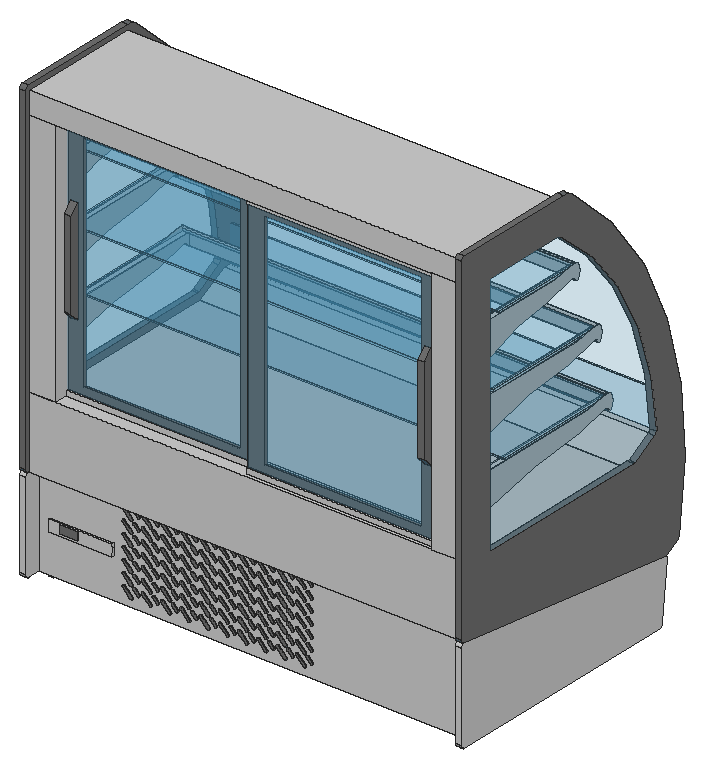
Revit family "QF_INFRICO_VBR12DS_250814114815", category Specialty Equipment, Revit 2021
Family settings
  Round Connector Dimension = Use Diameter
  Part Type = Normal
  OmniClass Number = 23.40.40.14
  OmniClass Title = Food Service Equipment
  Work Plane-Based = No
  Always vertical = Yes
  Cut with Voids When Loaded = No
  Shared = No
  Room Calculation Point = No
Parameters (values of type "VBR12DS")
  Weight [instance] = 0.00 kg
  Warranty Start Date [instance] = ""
  Warranty Duration [instance] = ""
  Volts [instance] = 230 V
  Volt Free Conn [instance] = no
  URL Recommended Spares List [instance] = ""
  URL Manufacturer [instance] = ""
  URL Cutsheet [instance] = ""
  URL Critical Spares List [instance] = ""
  URL = "www.infrico.com"
  Technical Documentation [instance] = ""
  Tag Number [instance] = ""
  Status [instance] = ""
  Start Up Current [instance] = 0 A
  Specification by User [instance] = ""
  Specification by Manufacturer [instance] = ""
  Sound Level [instance] = ""
  Show Logo [instance] = yes
  Show Clearances [instance] = yes
  Service Life Duration [instance] = ""
  Serial Number [instance] = ""
  Seismic Rating [instance] = ""
  SMACNA No [instance] = ""
  Revision Code [instance] = ""
  Revision [instance] = ""
  Production Year [instance] = ""
  Potential Equalisation [instance] = no
  Point Load [instance] = 0
  Phase [instance] = 1
  Other Equipment Approvals [instance] = ""
  Operational Current [instance] = 0 A
  Number of Poles [instance] = 2
  No Load Power Draw [instance] = no
  NAFEM Spec ID Number [instance] = ""
  Model Warning [instance] = ""
  Model = "VBR12DS"
  Min Ckt Ampacity [instance] = 0 A
  Max Overcurrent Protection [instance] = 0 A
  Masterspec [instance] = ""
  Manufacturer = "INFRICO"
  Main switch integrated [instance] = no
  Length Actual [instance] = 1250 mm
  Item Number [instance] = ""
  Installed By [instance] = ""
  Installation Date [instance] = ""
  Identify Quantity as Lot [instance] = no
  ID [instance] = ""
  Hygiene Approval [instance] = ""
  Height Actual [instance] = 1300 mm
  HP power [instance] = ""
  Furnished By [instance] = ""
  Foodservice Equipment Identifier [instance] = no
  FL Amps [instance] = 0 A
  Electrical Remarks [instance] = ""
  Electric power [instance] = 1060 W
  Electric Connection Type [instance] = ""
  Elec Conn RI Height [instance] = 0 mm
  Elec Conn Connection Height [instance] = 0 mm
  ETL Approved [instance] = no
  Description = "AMBAR SERIES - DOUBLE SERVICE PASTRY DISPLAY CASE - R452"
  Depth Actual [instance] = 810 mm
  Default Elevation = 0 mm
  Cycle [instance] = 50 Hz
  Cost = 0
  Connection to energy optimisation system [instance] = yes
  Conn Plug [instance] = ""
  Conn Conduit [instance] = no
  Centralized building control system with digital interface [instance] = ""
  CSI MasterFormat [instance] = ""
  CE Approved [instance] = no
  Barcode [instance] = 0
  Author [instance] = ""
  Asset Identifier [instance] = ""
  Apparent Power [instance] = 1060 VA
  Accessory [instance] = no
Reference planes
  plane 1 "Center (Front/Back)": y = 0
  plane 2: z = 0
  plane 3 "Center (Left/Right)": x = 0
Forms (mm)
  Extrusion 1, solid, not visible
    sketch origin (0, 0, 2) x (1, 0, 0) y (0, 1, 0)
      loop
        line (-2, 2) -> (-2, -2) -> (2, -2) -> (2, 2) -> (-2, 2)
    from -2 to 2
Dimensions and locks
  locked: nested 2 to Extrusion 1 at 2  (x2)
  aligned and locked: level to plane 2
Nested families
  nested 1: "QF_INFRICO_VBR12DS_2920" at (0, 0, 0), type "VBR12DS"
    with Weight 0.00 kg, Warranty Start Date "", Warranty Duration "", URL Cutsheet "", Technical Documentation "", Tag Number "", Status "", Specification by User "", Specification by Manufacturer "", Sound Level "", Solid Fuel Type "", Show Logo yes, Show Clearances yes, Show Clearance yes, Service Life Duration "", Serial Number "", Seismic Rating "", SMACNA No "", Revision Code "", Revision "", Production Year "", Point Load 0, Other Equipment Approvals "", NAFEM Spec ID Number "", Model Warning "", Masterspec "", Length Actual 1250 mm, Item Number "", Installed By "", Installation Date "", Identify Quantity as Lot yes, ID "", Hygiene Approval "", Height Actual 1300 mm, Furnished By "", Foodservice Equipment Identifier yes, Finish none, ETL Approved yes, Depth Actual 810 mm, CSI MasterFormat "", CE Approved no, Barcode "", Author "", Asset Identifier "", Accessory no
  nested 2: "CONN_POINT_ELE_2D___Generic_Annotation" at (0, 0, 0), type "CONN_POINT_ELE_2D___Generic_Annotation"
    with Onboard connection annotation symbol visibility yes
Connectors
  electrical at (0, 0, 0), driven by "Apparent Power", driven by "Number of Poles", driven by "Volts"
    settings: on Extrusion 1, index 1, voltage 230 V, apparent load 0 VA, apparent load phase1 1060 VA, apparent load phase2 0 VA, apparent load phase3 0 VA, power factor 1, load classification "Other", number of poles 2, system type 31, power factor state 1, is connector primary yes, connector utility no, sub classification motor no, connector description "Electrical connection for VBR12DS"
Definition of nested family "QF_INFRICO_VBR12DS_2920"
  Parameters (values of type "VBR12DS")
    Weight [instance] = 0.00 kg
    Warranty Start Date [instance] = ""
    Warranty Duration [instance] = ""
    URL Cutsheet [instance] = ""
    URL = "www.infrico.com"
    Technical Documentation [instance] = ""
    Tag Number [instance] = ""
    Status [instance] = ""
    Specification by User [instance] = ""
    Specification by Manufacturer [instance] = ""
    Sound Level [instance] = ""
    Solid Fuel Type [instance] = ""
    Show Logo [instance] = yes
    Show Clearances [instance] = yes
    Show Clearance [instance] = yes
    Service Life Duration [instance] = ""
    Serial Number [instance] = ""
    Seismic Rating [instance] = ""
    SMACNA No [instance] = ""
    Revision Code [instance] = ""
    Revision [instance] = ""
    Production Year [instance] = ""
    Point Load [instance] = 0
    Other Equipment Approvals [instance] = ""
    NAFEM Spec ID Number [instance] = ""
    Model Warning [instance] = ""
    Model = "VBR12DS"
    Masterspec [instance] = ""
    Manufacturer = "INFRICO"
    Length Actual [instance] = 0 mm
    Item Number [instance] = ""
    Installed By [instance] = ""
    Installation Date [instance] = ""
    Identify Quantity as Lot [instance] = yes
    ID [instance] = ""
    Hygiene Approval [instance] = ""
    Height Actual [instance] = 0 mm
    Furnished By [instance] = ""
    Foodservice Equipment Identifier [instance] = yes
    Finish [instance] = none
    ETL Approved [instance] = yes
    Description = "AMBAR SERIES - DOUBLE SERVICE PASTRY DISPLAY CASE - R452"
    Depth Actual [instance] = 0 mm
    Default Elevation = 0 mm
    CSI MasterFormat [instance] = ""
    CE Approved [instance] = yes
    Barcode [instance] = ""
    Author [instance] = ""
    Asset Identifier [instance] = ""
    Assembly Code = "E1090320"
    Accessory [instance] = yes
  Reference planes
    plane 1 "Back": y = 0
    plane 2: z = 0
    plane 3 "Left": x = 0
    plane 4 "Right": x = 1250
    plane 5 "Front": y = -810
    plane 6 "Top": z = 1300
  Forms (mm)
    Extrusion 1, solid
      sketch origin (-18, -810.003, 0) x (0, -1, 0) y (0, 0, -1)
        loop
          line (-100, -1190) -> (-100, -498)
          arc (-100, -498) -> (-102.929, -490.929) -> (-110, -488) r 10
          line (-110, -488) -> (-627, -488)
          arc (-627, -488) -> (-629.55, -488.252) -> (-632, -489) r 13
          line (-632, -489) -> (-702, -529)
          arc (-702, -529) -> (-705.756, -532.802) -> (-707, -538) r 9.937
          arc (-707, -538) -> (-606.573, -907.925) -> (-356, -1198) r 864.001
          arc (-356, -1198) -> (-353.158, -1199.473) -> (-350, -1200) r 10.273
          line (-350, -1200) -> (-110, -1200)
          arc (-110, -1200) -> (-102.929, -1197.071) -> (-100, -1190) r 10
      from 0 to 18
    Extrusion 2, solid
      sketch origin (-18, -810.003, 0) x (0, -1, 0) y (0, 0, -1)
        loop
          arc (-110, -1200) -> (-102.929, -1197.071) -> (-100, -1190) r 10
          line (-100, -1190) -> (-100, -498)
          arc (-100, -498) -> (-102.929, -490.929) -> (-110, -488) r 10
          line (-110, -488) -> (-627, -488)
          arc (-627, -488) -> (-629.55, -488.252) -> (-632, -489) r 13
          line (-632, -489) -> (-702, -529)
          arc (-702, -529) -> (-705.756, -532.802) -> (-707, -538) r 9.937
          arc (-707, -538) -> (-606.573, -907.925) -> (-356, -1198) r 864.001
          arc (-356, -1198) -> (-353.158, -1199.473) -> (-350, -1200) r 10.273
          line (-350, -1200) -> (-110, -1200)
        loop
          arc (-739, -197) -> (-742.074, -197.055) -> (-745, -198) r 10.476
          line (-745, -198) -> (-782, -219)
          arc (-782, -219) -> (-785.127, -222.608) -> (-787, -227) r 15.422
          arc (-787, -227) -> (-745, -815.202) -> (-398, -1292) r 1070.947
          arc (-398, -1292) -> (-385.08, -1297.958) -> (-371, -1300) r 49.563
          line (-371, -1300) -> (-10.003, -1300)
          arc (-10.003, -1300) -> (-2.932, -1297.071) -> (-0.003, -1290) r 10
          line (-0.003, -1290) -> (-0.003, -301.904)
          arc (-0.003, -301.904) -> (-2.683, -295.3) -> (-9, -292) r 10.337
          line (-9, -292) -> (-739, -197)
      from 0 to 18
    Extrusion 3, solid
      sketch origin (1250, -810.003, 0) x (0, -1, 0) y (0, 0, -1)
        loop
          line (-100, -1190) -> (-100, -498)
          arc (-100, -498) -> (-102.929, -490.929) -> (-110, -488) r 10
          line (-110, -488) -> (-627, -488)
          arc (-627, -488) -> (-629.55, -488.252) -> (-632, -489) r 13
          line (-632, -489) -> (-702, -529)
          arc (-702, -529) -> (-705.756, -532.802) -> (-707, -538) r 9.937
          arc (-707, -538) -> (-606.573, -907.925) -> (-356, -1198) r 864.001
          arc (-356, -1198) -> (-353.158, -1199.473) -> (-350, -1200) r 10.273
          line (-350, -1200) -> (-110, -1200)
          arc (-110, -1200) -> (-102.929, -1197.071) -> (-100, -1190) r 10
      from 0 to 18
    Extrusion 4, solid
      sketch origin (1250, -810.003, 0) x (0, -1, 0) y (0, 0, -1)
        loop
          arc (-110, -1200) -> (-102.929, -1197.071) -> (-100, -1190) r 10
          line (-100, -1190) -> (-100, -498)
          arc (-100, -498) -> (-102.929, -490.929) -> (-110, -488) r 10
          line (-110, -488) -> (-627, -488)
          arc (-627, -488) -> (-629.55, -488.252) -> (-632, -489) r 13
          line (-632, -489) -> (-702, -529)
          arc (-702, -529) -> (-705.756, -532.802) -> (-707, -538) r 9.937
          arc (-707, -538) -> (-606.573, -907.925) -> (-356, -1198) r 864.001
          arc (-356, -1198) -> (-353.158, -1199.473) -> (-350, -1200) r 10.273
          line (-350, -1200) -> (-110, -1200)
        loop
          arc (-739, -197) -> (-742.074, -197.055) -> (-745, -198) r 10.476
          line (-745, -198) -> (-782, -219)
          arc (-782, -219) -> (-785.127, -222.608) -> (-787, -227) r 15.422
          arc (-787, -227) -> (-745, -815.202) -> (-398, -1292) r 1070.947
          arc (-398, -1292) -> (-385.08, -1297.958) -> (-371, -1300) r 49.563
          line (-371, -1300) -> (-10.003, -1300)
          arc (-10.003, -1300) -> (-2.932, -1297.071) -> (-0.003, -1290) r 10
          line (-0.003, -1290) -> (-0.003, -301.904)
          arc (-0.003, -301.904) -> (-2.683, -295.3) -> (-9, -292) r 10.337
          line (-9, -292) -> (-739, -197)
      from 0 to 18
    Extrusion 5, solid, material <- "Finish"
      sketch origin (0, -810.003, -1) x (0, -1, 0) y (0, 0, -1)
        loop
          line (-739, -198) -> (-9, -293)
          arc (-9, -293) -> (-2.377, -289.883) -> (-0.003, -282.959) r 9.392
          line (-0.003, -282.959) -> (-0.003, -29)
          arc (-0.003, -29) -> (-2.932, -21.929) -> (-10.003, -19) r 10
          line (-10.003, -19) -> (-718, -19)
          arc (-718, -19) -> (-725.332, -22.2) -> (-727.972, -29.752) r 10
          line (-727.972, -29.752) -> (-746, -188)
          arc (-746, -188) -> (-744.394, -194.326) -> (-739, -198) r 9.212
      from -18 to 0
    Extrusion 6, solid, material <- "Finish"
      sketch origin (1268, -810.003, -1) x (0, -1, 0) y (0, 0, -1)
        loop
          line (-739, -198) -> (-9, -293)
          arc (-9, -293) -> (-2.377, -289.883) -> (-0.003, -282.959) r 9.392
          line (-0.003, -282.959) -> (-0.003, -29)
          arc (-0.003, -29) -> (-2.932, -21.929) -> (-10.003, -19) r 10
          line (-10.003, -19) -> (-718, -19)
          arc (-718, -19) -> (-725.332, -22.2) -> (-727.972, -29.752) r 10
          line (-727.972, -29.752) -> (-746, -188)
          arc (-746, -188) -> (-744.394, -194.326) -> (-739, -198) r 9.212
      from -18 to 0
    Extrusion 7, solid
      sketch origin (0, -750.003, 9) x (1, 0, 0) y (0, 1, 0)
        loop
          line (0, -0.02) -> (40, -0.02) -> (40, 39.98) -> (0, 39.98) -> (0, -0.02)
      from 0 to 9
    Extrusion 8, solid
      sketch origin (0, -170.003, 9) x (1, 0, 0) y (0, 1, 0)
        loop
          line (0, -0.02) -> (40, -0.02) -> (40, 39.98) -> (0, 39.98) -> (0, -0.02)
      from 0 to 9
    Extrusion 9, solid
      sketch origin (-898.549, 112.977, 0) x (-1, 0, 0) y (0, -1, 0)
        loop
          line (-903.549, 843) -> (-911.049, 855.99) -> (-926.049, 855.99) -> (-933.549, 843) -> (-926.049, 830.01) -> (-911.049, 830.01) -> (-903.549, 843)
      from 0 to 9
    Extrusion 10, solid
      sketch origin (-898.549, 692.977, 0) x (-1, 0, 0) y (0, -1, 0)
        loop
          line (-903.549, 843) -> (-911.049, 855.99) -> (-926.049, 855.99) -> (-933.549, 843) -> (-926.049, 830.01) -> (-911.049, 830.01) -> (-903.549, 843)
      from 0 to 9
    Extrusion 11, solid
      sketch origin (1210, -750.003, 9) x (1, 0, 0) y (0, 1, 0)
        loop
          line (0, -0.02) -> (40, -0.02) -> (40, 39.98) -> (0, 39.98) -> (0, -0.02)
      from 0 to 9
    Extrusion 12, solid
      sketch origin (1210, -170.003, 9) x (1, 0, 0) y (0, 1, 0)
        loop
          line (0, -0.02) -> (40, -0.02) -> (40, 39.98) -> (0, 39.98) -> (0, -0.02)
      from 0 to 9
    Extrusion 13, solid
      sketch origin (311.451, 112.977, 0) x (-1, 0, 0) y (0, -1, 0)
        loop
          line (-903.549, 843) -> (-911.049, 855.99) -> (-926.049, 855.99) -> (-933.549, 843) -> (-926.049, 830.01) -> (-911.049, 830.01) -> (-903.549, 843)
      from 0 to 9
    Extrusion 14, solid
      sketch origin (311.451, 692.977, 0) x (-1, 0, 0) y (0, -1, 0)
        loop
          line (-903.549, 843) -> (-911.049, 855.99) -> (-926.049, 855.99) -> (-933.549, 843) -> (-926.049, 830.01) -> (-911.049, 830.01) -> (-903.549, 843)
      from 0 to 9
    Extrusion 15, solid
      sketch origin (0, -810.003, 0) x (0, -1, 0) y (0, 0, -1)
        loop
          line (-59.98, -18) -> (-679.98, -18) -> (-679.98, -293) -> (-59.98, -293) -> (-59.98, -18)
      from 0 to 40
    Extrusion 16, solid
      sketch origin (1210, -810.003, 0) x (0, -1, 0) y (0, 0, -1)
        loop
          line (-59.98, -18) -> (-679.98, -18) -> (-679.98, -293) -> (-59.98, -293) -> (-59.98, -18)
      from 0 to 40
    Extrusion 17, solid
      sketch origin (0, -810.003, 0) x (0, -1, 0) y (0, 0, -1)
        loop
          line (-59.98, -18) -> (-59.98, -293) -> (-44.98, -293) -> (-44.98, -18) -> (-59.98, -18)
      from 0 to 1250
    Extrusion 18, solid
      sketch origin (0, -810.003, 0) x (0, -1, 0) y (0, 0, -1)
        loop
          line (-679.98, -278) -> (-679.98, -38) -> (-719.98, -38) -> (-719.98, -278) -> (-679.98, -278)
      from 0 to 40
    Extrusion 19, solid
      sketch origin (1210, -810.003, 0) x (0, -1, 0) y (0, 0, -1)
        loop
          line (-679.98, -278) -> (-679.98, -38) -> (-719.98, -38) -> (-719.98, -278) -> (-679.98, -278)
      from 0 to 40
    Extrusion 20, solid
      sketch origin (0, -810.003, 0) x (0, -1, 0) y (0, 0, -1)
        loop
          line (-9.98, -293) -> (-759.98, -293) -> (-759.98, -471) -> (-747.98, -471) -> (-747.98, -448) -> (-70.98, -448) -> (-70.98, -502) -> (-9.98, -502) -> (-9.98, -293)
      from 0 to 1250
    Extrusion 21, solid
      sketch origin (0, -810.003, 0) x (0, -1, 0) y (0, 0, -1)
        loop
          line (-747.98, -471) -> (-741.98, -471) -> (-741.98, -515) -> (-719.98, -515) -> (-628.98, -468) -> (-628.98, -448) -> (-630.98, -448) -> (-630.98, -466.782) -> (-720.466, -513) -> (-739.98, -513) -> (-739.98, -469) -> (-747.98, -469) -> (-747.98, -471)
      from 0 to 1250
    Extrusion 22, solid
      sketch origin (0, -810.003, 0) x (0, -1, 0) y (0, 0, -1)
        loop
          line (-626.98, -448) -> (-626.98, -469) -> (-121.98, -469) -> (-121.98, -448) -> (-626.98, -448)
      from 0 to 1250
    Extrusion 23, solid
      sketch origin (0, -810.003, 0) x (0, -1, 0) y (0, 0, -1)
        loop
          line (-110.98, -448) -> (-110.98, -1222) -> (-70.98, -1222) -> (-70.98, -448) -> (-110.98, -448)
      from 0 to 50
    Extrusion 24, solid
      sketch origin (1200, -810.003, 0) x (0, -1, 0) y (0, 0, -1)
        loop
          line (-110.98, -448) -> (-110.98, -1222) -> (-70.98, -1222) -> (-70.98, -448) -> (-110.98, -448)
      from 0 to 50
    Extrusion 25, solid
      sketch origin (0, -810.003, 0) x (0, -1, 0) y (0, 0, -1)
        loop
          line (-9.98, -502) -> (-70.98, -502) -> (-70.98, -1222) -> (-9.98, -1222) -> (-9.98, -502)
      from 0 to 78
    Extrusion 26, solid
      sketch origin (1172, -810.003, 0) x (0, -1, 0) y (0, 0, -1)
        loop
          line (-9.98, -502) -> (-70.98, -502) -> (-70.98, -1222) -> (-9.98, -1222) -> (-9.98, -502)
      from 0 to 78
    Extrusion 27, solid
      sketch origin (0, -810.003, 0) x (0, -1, 0) y (0, 0, -1)
        loop
          line (-9.98, -1288) -> (-9.98, -1222) -> (-288.98, -1222) -> (-288.98, -1276) -> (-353.98, -1276) -> (-353.98, -1260.029) -> (-372.98, -1241.029) -> (-372.98, -1229) -> (-354.98, -1229) -> (-354.98, -1217) -> (-384.98, -1217) -> (-384.98, -1246) -> (-365.98, -1265) -> (-365.98, -1288) -> (-9.98, -1288)
      from 0 to 1250
    Extrusion 28, solid
      sketch origin (0, -810.003, 0) x (0, -1, 0) y (0, 0, -1)
        loop
          line (-741.98, -471) -> (-747.98, -471) -> (-747.98, -621) -> (-741.98, -621) -> (-741.98, -471)
      from 0 to 1250
    Extrusion 29, solid
      sketch origin (732, -705.936, 48.526) x (0, -1, 0) y (0, 0, -1)
        loop
          line (80.087, -1157.474) -> (80.087, -1163.474) -> (62.087, -1163.474) -> (62.087, -1157.474) -> (59.087, -1157.474) -> (59.087, -1173.474) -> (62.087, -1173.474) -> (62.087, -1166.474) -> (68.087, -1166.474) -> (68.087, -1173.474) -> (74.087, -1173.474) -> (74.087, -1166.474) -> (80.087, -1166.474) -> (80.087, -1173.474) -> (83.087, -1173.474) -> (83.087, -1157.474) -> (80.087, -1157.474)
      from -107 to 440
    Extrusion 30, solid
      sketch origin (732, -705.936, 48.526) x (0, -1, 0) y (0, 0, -1)
        loop
          line (80.087, -1163.474) -> (80.087, -463.474) -> (75.087, -463.474) -> (75.087, -1163.474) -> (80.087, -1163.474)
      from -107 to 440
    Extrusion 31, solid
      sketch origin (732, -692.936, 48.526) x (0, -1, 0) y (0, 0, -1)
        loop
          line (80.087, -1163.474) -> (80.087, -463.474) -> (75.087, -463.474) -> (75.087, -1163.474) -> (80.087, -1163.474)
      from -107 to 440
    Extrusion 32, solid
      sketch origin (1732, -705.936, 48.526) x (1, 0, 0) y (0, 0, -1)
        loop
          line (-1107, -1163.474) -> (-560, -1163.474) -> (-560, -463.474) -> (-1107, -463.474) -> (-1107, -1163.474)
        loop
          line (-605, -488.474) -> (-1062, -488.474) -> (-1062, -1138.474) -> (-605, -1138.474) -> (-605, -488.474)
      from -75.087 to -67.087
    Extrusion 33, solid
      sketch origin (78, -679.936, 48.526) x (0, -1, 0) y (0, 0, -1)
        loop
          line (80.087, -1157.474) -> (80.087, -1163.474) -> (62.087, -1163.474) -> (62.087, -1157.474) -> (59.087, -1157.474) -> (59.087, -1173.474) -> (62.087, -1173.474) -> (62.087, -1166.474) -> (68.087, -1166.474) -> (68.087, -1173.474) -> (74.087, -1173.474) -> (74.087, -1166.474) -> (80.087, -1166.474) -> (80.087, -1173.474) -> (83.087, -1173.474) -> (83.087, -1157.474) -> (80.087, -1157.474)
      from 0 to 547
    Extrusion 34, solid
      sketch origin (78, -679.936, 48.526) x (0, -1, 0) y (0, 0, -1)
        loop
          line (80.087, -1163.474) -> (80.087, -463.474) -> (75.087, -463.474) -> (75.087, -1163.474) -> (80.087, -1163.474)
      from 0 to 547
    Extrusion 35, solid
      sketch origin (78, -666.936, 48.526) x (0, -1, 0) y (0, 0, -1)
        loop
          line (80.087, -1163.474) -> (80.087, -463.474) -> (75.087, -463.474) -> (75.087, -1163.474) -> (80.087, -1163.474)
      from 0 to 547
    Extrusion 36, solid
      sketch origin (1078, -679.936, 48.526) x (1, 0, 0) y (0, 0, -1)
        loop
          line (-1000, -1163.474) -> (-453, -1163.474) -> (-453, -463.474) -> (-1000, -463.474) -> (-1000, -1163.474)
        loop
          line (-498, -488.474) -> (-955, -488.474) -> (-955, -1138.474) -> (-498, -1138.474) -> (-498, -488.474)
      from -75.087 to -67.087
    Extrusion 37, solid
      sketch origin (732, -705.936, 1675.474) x (0, -1, 0) y (0, 0, -1)
        loop
          line (80.087, 1157.474) -> (83.087, 1157.474) -> (83.087, 1173.474) -> (80.087, 1173.474) -> (80.087, 1166.474) -> (74.087, 1166.474) -> (74.087, 1173.474) -> (68.087, 1173.474) -> (68.087, 1166.474) -> (62.087, 1166.474) -> (62.087, 1173.474) -> (59.087, 1173.474) -> (59.087, 1157.474) -> (62.087, 1157.474) -> (62.087, 1163.474) -> (80.087, 1163.474) -> (80.087, 1157.474)
      from -107 to 440
    Extrusion 38, solid
      sketch origin (78, -679.936, 1675.474) x (0, -1, 0) y (0, 0, -1)
        loop
          line (80.087, 1157.474) -> (83.087, 1157.474) -> (83.087, 1173.474) -> (80.087, 1173.474) -> (80.087, 1166.474) -> (74.087, 1166.474) -> (74.087, 1173.474) -> (68.087, 1173.474) -> (68.087, 1166.474) -> (62.087, 1166.474) -> (62.087, 1173.474) -> (59.087, 1173.474) -> (59.087, 1157.474) -> (62.087, 1157.474) -> (62.087, 1163.474) -> (80.087, 1163.474) -> (80.087, 1157.474)
      from 0 to 547
    Extrusion 39, solid
      sketch origin (-510, -1507.887, 385.642) x (0, -0.939923, 0.341387) y (0, -0.341387, -0.939923)
        loop
          line (-1441.281, -155.749) -> (-1438.55, -163.269) -> (-1412.756, -181.562) -> (-1410.024, -189.081) -> (-1408.109, -188.385) -> (-1411.111, -180.118) -> (-1436.703, -162.496) -> (-1439.401, -155.067) -> (-1441.281, -155.749)
        loop
          line (-1423.188, -205.565) -> (-1420.457, -213.085) -> (-1394.662, -231.378) -> (-1391.931, -238.897) -> (-1390.015, -238.201) -> (-1393.018, -229.934) -> (-1418.61, -212.312) -> (-1421.308, -204.883) -> (-1423.188, -205.565)
        loop
          line (-1405.094, -255.381) -> (-1402.363, -262.901) -> (-1376.569, -281.194) -> (-1373.837, -288.713) -> (-1371.922, -288.017) -> (-1374.924, -279.75) -> (-1400.516, -262.128) -> (-1403.214, -254.698) -> (-1405.094, -255.381)
        loop
          line (-1387.001, -305.197) -> (-1384.27, -312.717) -> (-1358.475, -331.01) -> (-1355.744, -338.529) -> (-1353.828, -337.833) -> (-1356.831, -329.566) -> (-1382.423, -311.944) -> (-1385.121, -304.514) -> (-1387.001, -305.197)
      from 550 to 1720
    Extrusion 40, solid
      sketch origin (3, -810.003, 87) x (0, -1, 0) y (0, 0, -1)
        loop
          line (-110.98, -498) -> (-126.98, -498)
          arc (-126.98, -498) -> (-289.514, -532.928) -> (-454.98, -549) r 1448.355
          line (-454.98, -549) -> (-547.98, -574)
          arc (-547.98, -574) -> (-550.743, -573.659) -> (-552.98, -572) r 5.461
          line (-552.98, -572) -> (-560.98, -562)
          arc (-560.98, -562) -> (-563.98, -560.5) -> (-566.98, -562) r 3.75
          arc (-566.98, -562) -> (-573.98, -583) -> (-566.98, -604) r 35
          arc (-566.98, -604) -> (-565.216, -605.472) -> (-562.98, -606) r 5
          line (-562.98, -606) -> (-544.98, -606) -> (-487.98, -595) -> (-110.98, -595) -> (-110.98, -498)
      from 0 to 2
    Extrusion 41, solid
      sketch origin (3, -810.003, 283) x (0, -1, 0) y (0, 0, -1)
        loop
          line (-110.98, -498) -> (-126.98, -498)
          arc (-126.98, -498) -> (-269.288, -533.055) -> (-414.98, -549) r 1106.867
          line (-414.98, -549) -> (-507.98, -574)
          arc (-507.98, -574) -> (-510.743, -573.659) -> (-512.98, -572) r 5.461
          line (-512.98, -572) -> (-520.98, -562)
          arc (-520.98, -562) -> (-523.98, -560.5) -> (-526.98, -562) r 3.75
          arc (-526.98, -562) -> (-533.98, -583) -> (-526.98, -604) r 35
          arc (-526.98, -604) -> (-525.216, -605.472) -> (-522.98, -606) r 5
          line (-522.98, -606) -> (-504.98, -606) -> (-447.98, -595) -> (-110.98, -595) -> (-110.98, -498)
      from 0 to 2
    Extrusion 42, solid
      sketch origin (3, -810.003, 479) x (0, -1, 0) y (0, 0, -1)
        loop
          line (-110.98, -498) -> (-126.98, -498)
          arc (-126.98, -498) -> (-228.381, -534.099) -> (-334.98, -549) r 530.828
          line (-334.98, -549) -> (-427.98, -574)
          arc (-427.98, -574) -> (-430.743, -573.659) -> (-432.98, -572) r 5.461
          line (-432.98, -572) -> (-440.98, -562)
          arc (-440.98, -562) -> (-443.98, -560.5) -> (-446.98, -562) r 3.75
          arc (-446.98, -562) -> (-453.98, -583) -> (-446.98, -604) r 35
          arc (-446.98, -604) -> (-445.216, -605.472) -> (-442.98, -606) r 5
          line (-442.98, -606) -> (-424.98, -606) -> (-367.98, -595) -> (-110.98, -595) -> (-110.98, -498)
      from 0 to 2
    Extrusion 43, solid
      sketch origin (0, -810.003, 0) x (0, -1, 0) y (0, 0, -1)
        loop
          line (-183.98, -682) -> (-558.98, -682) -> (-558.98, -688) -> (-183.98, -688) -> (-183.98, -682)
      from 5 to 1245
    Extrusion 44, solid
      sketch origin (0, -850.003, 196) x (0, -1, 0) y (0, 0, -1)
        loop
          line (-183.98, -682) -> (-558.98, -682) -> (-558.98, -688) -> (-183.98, -688) -> (-183.98, -682)
      from 5 to 1245
    Extrusion 45, solid
      sketch origin (0, -830.003, 392) x (0, -1, 0) y (0, 0, -1)
        loop
          line (-183.98, -682) -> (-458.98, -682) -> (-458.98, -688) -> (-183.98, -688) -> (-183.98, -682)
      from 5 to 1245
    Extrusion 46, solid
      sketch origin (0, -810.003, 0) x (0, -1, 0) y (0, 0, -1)
        loop
          arc (-566.98, -691) -> (-565.216, -692.472) -> (-562.98, -693) r 5
          arc (-562.98, -693) -> (-561.498, -690.693) -> (-560.98, -688) r 7.25
          line (-560.98, -688) -> (-560.98, -649)
          arc (-560.98, -649) -> (-563.98, -647.5) -> (-566.98, -649) r 3.75
          arc (-566.98, -649) -> (-573.98, -670) -> (-566.98, -691) r 35
      from 5 to 1245
    Extrusion 47, solid
      sketch origin (0, -850.003, 196) x (0, -1, 0) y (0, 0, -1)
        loop
          arc (-566.98, -691) -> (-565.216, -692.472) -> (-562.98, -693) r 5
          arc (-562.98, -693) -> (-561.498, -690.693) -> (-560.98, -688) r 7.25
          line (-560.98, -688) -> (-560.98, -649)
          arc (-560.98, -649) -> (-563.98, -647.5) -> (-566.98, -649) r 3.75
          arc (-566.98, -649) -> (-573.98, -670) -> (-566.98, -691) r 35
      from 5 to 1245
    Extrusion 48, solid
      sketch origin (0, -930.003, 392) x (0, -1, 0) y (0, 0, -1)
        loop
          arc (-566.98, -691) -> (-565.216, -692.472) -> (-562.98, -693) r 5
          arc (-562.98, -693) -> (-561.498, -690.693) -> (-560.98, -688) r 7.25
          line (-560.98, -688) -> (-560.98, -649)
          arc (-560.98, -649) -> (-563.98, -647.5) -> (-566.98, -649) r 3.75
          arc (-566.98, -649) -> (-573.98, -670) -> (-566.98, -691) r 35
      from 5 to 1245
    Extrusion 49, solid
      sketch origin (21, -810.003, 479) x (0, -1, 0) y (0, 0, -1)
        loop
          line (-110.98, -498) -> (-126.98, -498)
          arc (-126.98, -498) -> (-228.381, -534.099) -> (-334.98, -549) r 530.828
          line (-334.98, -549) -> (-427.98, -574)
          arc (-427.98, -574) -> (-430.743, -573.659) -> (-432.98, -572) r 5.461
          line (-432.98, -572) -> (-440.98, -562) -> (-440.98, -595) -> (-110.98, -595) -> (-110.98, -498)
      from 0 to 2
    Extrusion 50, solid
      sketch origin (0, -810.003, 0) x (0, -1, 0) y (0, 0, -1)
        loop
          line (-110.98, -1074) -> (-110.98, -1072) -> (-440.98, -1072) -> (-440.98, -1074) -> (-110.98, -1074)
      from 5 to 21
    Extrusion 51, solid
      sketch origin (21, -810.003, 283) x (0, -1, 0) y (0, 0, -1)
        loop
          line (-110.98, -498) -> (-126.98, -498)
          arc (-126.98, -498) -> (-269.288, -533.055) -> (-414.98, -549) r 1106.867
          line (-414.98, -549) -> (-507.98, -574)
          arc (-507.98, -574) -> (-510.743, -573.659) -> (-512.98, -572) r 5.461
          line (-512.98, -572) -> (-520.98, -562) -> (-520.98, -595) -> (-110.98, -595) -> (-110.98, -498)
      from 0 to 2
    Extrusion 52, solid
      sketch origin (0, -810.003, -196) x (0, -1, 0) y (0, 0, -1)
        loop
          line (-110.98, -1074) -> (-110.98, -1072) -> (-520.98, -1072) -> (-520.98, -1074) -> (-110.98, -1074)
      from 5 to 21
    Extrusion 53, solid
      sketch origin (21, -810.003, 87) x (0, -1, 0) y (0, 0, -1)
        loop
          line (-110.98, -498) -> (-126.98, -498)
          arc (-126.98, -498) -> (-289.514, -532.928) -> (-454.98, -549) r 1448.355
          line (-454.98, -549) -> (-547.98, -574)
          arc (-547.98, -574) -> (-550.743, -573.659) -> (-552.98, -572) r 5.461
          line (-552.98, -572) -> (-560.98, -562) -> (-560.98, -595) -> (-110.98, -595) -> (-110.98, -498)
      from 0 to 2
    Extrusion 54, solid
      sketch origin (0, -810.003, -392) x (0, -1, 0) y (0, 0, -1)
        loop
          line (-110.98, -1074) -> (-110.98, -1072) -> (-560.98, -1072) -> (-560.98, -1074) -> (-110.98, -1074)
      from 5 to 21
    Extrusion 55, solid
      sketch origin (1247, -810.003, 87) x (0, -1, 0) y (0, 0, 1)
        loop
          line (-110.98, 498) -> (-110.98, 595) -> (-487.98, 595) -> (-544.98, 606) -> (-562.98, 606)
          arc (-562.98, 606) -> (-565.216, 605.472) -> (-566.98, 604) r 5
          arc (-566.98, 604) -> (-573.98, 583) -> (-566.98, 562) r 35
          arc (-566.98, 562) -> (-563.98, 560.5) -> (-560.98, 562) r 3.75
          line (-560.98, 562) -> (-552.98, 572)
          arc (-552.98, 572) -> (-550.743, 573.659) -> (-547.98, 574) r 5.461
          line (-547.98, 574) -> (-454.98, 549)
          arc (-454.98, 549) -> (-289.514, 532.928) -> (-126.98, 498) r 1448.355
          line (-126.98, 498) -> (-110.98, 498)
      from 0 to 2
    Extrusion 56, solid
      sketch origin (1247, -810.003, 283) x (0, -1, 0) y (0, 0, 1)
        loop
          line (-110.98, 498) -> (-110.98, 595) -> (-447.98, 595) -> (-504.98, 606) -> (-522.98, 606)
          arc (-522.98, 606) -> (-525.216, 605.472) -> (-526.98, 604) r 5
          arc (-526.98, 604) -> (-533.98, 583) -> (-526.98, 562) r 35
          arc (-526.98, 562) -> (-523.98, 560.5) -> (-520.98, 562) r 3.75
          line (-520.98, 562) -> (-512.98, 572)
          arc (-512.98, 572) -> (-510.743, 573.659) -> (-507.98, 574) r 5.461
          line (-507.98, 574) -> (-414.98, 549)
          arc (-414.98, 549) -> (-269.288, 533.055) -> (-126.98, 498) r 1106.867
          line (-126.98, 498) -> (-110.98, 498)
      from 0 to 2
    Extrusion 57, solid
      sketch origin (1247, -810.003, 479) x (0, -1, 0) y (0, 0, 1)
        loop
          line (-110.98, 498) -> (-110.98, 595) -> (-367.98, 595) -> (-424.98, 606) -> (-442.98, 606)
          arc (-442.98, 606) -> (-445.216, 605.472) -> (-446.98, 604) r 5
          arc (-446.98, 604) -> (-453.98, 583) -> (-446.98, 562) r 35
          arc (-446.98, 562) -> (-443.98, 560.5) -> (-440.98, 562) r 3.75
          line (-440.98, 562) -> (-432.98, 572)
          arc (-432.98, 572) -> (-430.743, 573.659) -> (-427.98, 574) r 5.461
          line (-427.98, 574) -> (-334.98, 549)
          arc (-334.98, 549) -> (-228.381, 534.099) -> (-126.98, 498) r 530.828
          line (-126.98, 498) -> (-110.98, 498)
      from 0 to 2
    Extrusion 58, solid
      sketch origin (1229, -810.003, 479) x (0, -1, 0) y (0, 0, 1)
        loop
          line (-110.98, 498) -> (-110.98, 595) -> (-440.98, 595) -> (-440.98, 562) -> (-432.98, 572)
          arc (-432.98, 572) -> (-430.743, 573.659) -> (-427.98, 574) r 5.461
          line (-427.98, 574) -> (-334.98, 549)
          arc (-334.98, 549) -> (-228.381, 534.099) -> (-126.98, 498) r 530.828
          line (-126.98, 498) -> (-110.98, 498)
      from 0 to 2
    Extrusion 59, solid
      sketch origin (1250, -810.003, 0) x (0, -1, 0) y (0, 0, 1)
        loop
          line (-110.98, 1074) -> (-440.98, 1074) -> (-440.98, 1072) -> (-110.98, 1072) -> (-110.98, 1074)
      from 5 to 21
    Extrusion 60, solid
      sketch origin (1229, -810.003, 283) x (0, -1, 0) y (0, 0, 1)
        loop
          line (-110.98, 498) -> (-110.98, 595) -> (-520.98, 595) -> (-520.98, 562) -> (-512.98, 572)
          arc (-512.98, 572) -> (-510.743, 573.659) -> (-507.98, 574) r 5.461
          line (-507.98, 574) -> (-414.98, 549)
          arc (-414.98, 549) -> (-269.288, 533.055) -> (-126.98, 498) r 1106.867
          line (-126.98, 498) -> (-110.98, 498)
      from 0 to 2
    Extrusion 61, solid
      sketch origin (1250, -810.003, -196) x (0, -1, 0) y (0, 0, 1)
        loop
          line (-110.98, 1074) -> (-520.98, 1074) -> (-520.98, 1072) -> (-110.98, 1072) -> (-110.98, 1074)
      from 5 to 21
    Extrusion 62, solid
      sketch origin (1229, -810.003, 87) x (0, -1, 0) y (0, 0, 1)
        loop
          line (-110.98, 498) -> (-110.98, 595) -> (-560.98, 595) -> (-560.98, 562) -> (-552.98, 572)
          arc (-552.98, 572) -> (-550.743, 573.659) -> (-547.98, 574) r 5.461
          line (-547.98, 574) -> (-454.98, 549)
          arc (-454.98, 549) -> (-289.514, 532.928) -> (-126.98, 498) r 1448.355
          line (-126.98, 498) -> (-110.98, 498)
      from 0 to 2
    Extrusion 63, solid
      sketch origin (1250, -810.003, -392) x (0, -1, 0) y (0, 0, 1)
        loop
          line (-110.98, 1074) -> (-560.98, 1074) -> (-560.98, 1072) -> (-110.98, 1072) -> (-110.98, 1074)
      from 5 to 21
    Extrusion 64, solid
      sketch origin (0, -810.003, 0) x (0, -1, 0) y (0, 0, -1)
        loop
          line (-59.98, -18) -> (-99.98, -18) -> (-99.98, -38) -> (-59.98, -38) -> (-59.98, -18)
      from 40 to 1210
    Extrusion 65, solid
      sketch origin (0, -230.003, 0) x (0, -1, 0) y (0, 0, -1)
        loop
          line (-59.98, -18) -> (-99.98, -18) -> (-99.98, -38) -> (-59.98, -38) -> (-59.98, -18)
      from 40 to 1210
    Extrusion 66, solid, material <- "Finish"
      sketch origin (0, -810.003, 0) x (0, -1, 0) y (0, 0, -1)
        loop
          line (-769.98, -438) -> (-759.945, -218.229) -> (-778.925, -217.362) -> (-788.96, -437.133) -> (-769.98, -438)
      from 0 to 1250
    Extrusion 67, solid
      sketch origin (0, -810.003, 0) x (0, -1, 0) y (0, 0, -1)
        loop
          line (-747.98, -471) -> (-759.98, -471) -> (-789.173, -441.806) -> (-788.489, -426.822) -> (-790.487, -426.731) -> (-791.212, -442.597) -> (-760.808, -473) -> (-747.98, -473) -> (-747.98, -471)
      from 0 to 1250
    Extrusion 68, solid
      sketch origin (1643.376, -765.123, -1.698) x (-1, 0, 0) y (0, 0, 1)
        loop
          line (1376.497, 42.364) -> (1398.417, 64.284)
          arc (1398.417, 64.284) -> (1398.417, 70.648) -> (1392.053, 70.648) r 4.5
          line (1392.053, 70.648) -> (1370.133, 48.728)
          arc (1370.133, 48.728) -> (1370.133, 42.364) -> (1376.497, 42.364) r 4.5
        loop
          line (1355.739, 55.335) -> (1367.053, 66.648)
          arc (1367.053, 66.648) -> (1367.053, 73.012) -> (1360.689, 73.012) r 4.5
          line (1360.689, 73.012) -> (1349.376, 61.698)
          arc (1349.376, 61.698) -> (1349.376, 55.335) -> (1355.739, 55.335) r 4.5
        loop
          line (1376.497, 76.364) -> (1398.417, 98.284)
          arc (1398.417, 98.284) -> (1398.417, 104.648) -> (1392.053, 104.648) r 4.5
          line (1392.053, 104.648) -> (1370.133, 82.728)
          arc (1370.133, 82.728) -> (1370.133, 76.364) -> (1376.497, 76.364) r 4.5
        loop
          line (1355.739, 89.335) -> (1367.053, 100.648)
          arc (1367.053, 100.648) -> (1367.053, 107.012) -> (1360.689, 107.012) r 4.5
          line (1360.689, 107.012) -> (1349.376, 95.698)
          arc (1349.376, 95.698) -> (1349.376, 89.335) -> (1355.739, 89.335) r 4.5
        loop
          line (1376.497, 110.364) -> (1398.417, 132.284)
          arc (1398.417, 132.284) -> (1398.417, 138.648) -> (1392.053, 138.648) r 4.5
          line (1392.053, 138.648) -> (1370.133, 116.728)
          arc (1370.133, 116.728) -> (1370.133, 110.364) -> (1376.497, 110.364) r 4.5
        loop
          line (1355.739, 123.335) -> (1367.053, 134.648)
          arc (1367.053, 134.648) -> (1367.053, 141.012) -> (1360.689, 141.012) r 4.5
          line (1360.689, 141.012) -> (1349.376, 129.698)
          arc (1349.376, 129.698) -> (1349.376, 123.335) -> (1355.739, 123.335) r 4.5
        loop
          line (1376.497, 144.364) -> (1398.417, 166.284)
          arc (1398.417, 166.284) -> (1398.417, 172.648) -> (1392.053, 172.648) r 4.5
          line (1392.053, 172.648) -> (1370.133, 150.728)
          arc (1370.133, 150.728) -> (1370.133, 144.364) -> (1376.497, 144.364) r 4.5
        loop
          line (1355.739, 157.335) -> (1367.053, 168.648)
          arc (1367.053, 168.648) -> (1367.053, 175.012) -> (1360.689, 175.012) r 4.5
          line (1360.689, 175.012) -> (1349.376, 163.698)
          arc (1349.376, 163.698) -> (1349.376, 157.335) -> (1355.739, 157.335) r 4.5
        loop
          line (1376.497, 178.364) -> (1398.417, 200.284)
          arc (1398.417, 200.284) -> (1398.417, 206.648) -> (1392.053, 206.648) r 4.5
          line (1392.053, 206.648) -> (1370.133, 184.728)
          arc (1370.133, 184.728) -> (1370.133, 178.364) -> (1376.497, 178.364) r 4.5
        loop
          line (1355.739, 191.335) -> (1367.053, 202.648)
          arc (1367.053, 202.648) -> (1367.053, 209.012) -> (1360.689, 209.012) r 4.5
          line (1360.689, 209.012) -> (1349.376, 197.698)
          arc (1349.376, 197.698) -> (1349.376, 191.335) -> (1355.739, 191.335) r 4.5
        loop
          line (1376.497, 212.364) -> (1398.417, 234.284)
          arc (1398.417, 234.284) -> (1398.417, 240.648) -> (1392.053, 240.648) r 4.5
          line (1392.053, 240.648) -> (1370.133, 218.728)
          arc (1370.133, 218.728) -> (1370.133, 212.364) -> (1376.497, 212.364) r 4.5
        loop
          line (1355.739, 225.335) -> (1367.053, 236.648)
          arc (1367.053, 236.648) -> (1367.053, 243.012) -> (1360.689, 243.012) r 4.5
          line (1360.689, 243.012) -> (1349.376, 231.698)
          arc (1349.376, 231.698) -> (1349.376, 225.335) -> (1355.739, 225.335) r 4.5
        loop
          line (1376.497, 246.364) -> (1398.417, 268.284)
          arc (1398.417, 268.284) -> (1398.417, 274.648) -> (1392.053, 274.648) r 4.5
          line (1392.053, 274.648) -> (1370.133, 252.728)
          arc (1370.133, 252.728) -> (1370.133, 246.364) -> (1376.497, 246.364) r 4.5
        loop
          line (1355.739, 259.335) -> (1367.053, 270.648)
          arc (1367.053, 270.648) -> (1367.053, 277.012) -> (1360.689, 277.012) r 4.5
          line (1360.689, 277.012) -> (1349.376, 265.698)
          arc (1349.376, 265.698) -> (1349.376, 259.335) -> (1355.739, 259.335) r 4.5
        loop
          line (1320.497, 42.364) -> (1342.417, 64.284)
          arc (1342.417, 64.284) -> (1342.417, 70.648) -> (1336.053, 70.648) r 4.5
          line (1336.053, 70.648) -> (1314.133, 48.728)
          arc (1314.133, 48.728) -> (1314.133, 42.364) -> (1320.497, 42.364) r 4.5
        loop
          line (1299.739, 55.335) -> (1311.053, 66.648)
          arc (1311.053, 66.648) -> (1311.053, 73.012) -> (1304.689, 73.012) r 4.5
          line (1304.689, 73.012) -> (1293.376, 61.698)
          arc (1293.376, 61.698) -> (1293.376, 55.335) -> (1299.739, 55.335) r 4.5
        loop
          line (1320.497, 76.364) -> (1342.417, 98.284)
          arc (1342.417, 98.284) -> (1342.417, 104.648) -> (1336.053, 104.648) r 4.5
          line (1336.053, 104.648) -> (1314.133, 82.728)
          arc (1314.133, 82.728) -> (1314.133, 76.364) -> (1320.497, 76.364) r 4.5
        loop
          line (1299.739, 89.335) -> (1311.053, 100.648)
          arc (1311.053, 100.648) -> (1311.053, 107.012) -> (1304.689, 107.012) r 4.5
          line (1304.689, 107.012) -> (1293.376, 95.698)
          arc (1293.376, 95.698) -> (1293.376, 89.335) -> (1299.739, 89.335) r 4.5
        loop
          line (1320.497, 110.364) -> (1342.417, 132.284)
          arc (1342.417, 132.284) -> (1342.417, 138.648) -> (1336.053, 138.648) r 4.5
          line (1336.053, 138.648) -> (1314.133, 116.728)
          arc (1314.133, 116.728) -> (1314.133, 110.364) -> (1320.497, 110.364) r 4.5
        loop
          line (1299.739, 123.335) -> (1311.053, 134.648)
          arc (1311.053, 134.648) -> (1311.053, 141.012) -> (1304.689, 141.012) r 4.5
          line (1304.689, 141.012) -> (1293.376, 129.698)
          arc (1293.376, 129.698) -> (1293.376, 123.335) -> (1299.739, 123.335) r 4.5
        loop
          line (1320.497, 144.364) -> (1342.417, 166.284)
          arc (1342.417, 166.284) -> (1342.417, 172.648) -> (1336.053, 172.648) r 4.5
          line (1336.053, 172.648) -> (1314.133, 150.728)
          arc (1314.133, 150.728) -> (1314.133, 144.364) -> (1320.497, 144.364) r 4.5
        loop
          line (1299.739, 157.335) -> (1311.053, 168.648)
          arc (1311.053, 168.648) -> (1311.053, 175.012) -> (1304.689, 175.012) r 4.5
          line (1304.689, 175.012) -> (1293.376, 163.698)
          arc (1293.376, 163.698) -> (1293.376, 157.335) -> (1299.739, 157.335) r 4.5
        loop
          line (1320.497, 178.364) -> (1342.417, 200.284)
          arc (1342.417, 200.284) -> (1342.417, 206.648) -> (1336.053, 206.648) r 4.5
          line (1336.053, 206.648) -> (1314.133, 184.728)
          arc (1314.133, 184.728) -> (1314.133, 178.364) -> (1320.497, 178.364) r 4.5
        loop
          line (1299.739, 191.335) -> (1311.053, 202.648)
          arc (1311.053, 202.648) -> (1311.053, 209.012) -> (1304.689, 209.012) r 4.5
          line (1304.689, 209.012) -> (1293.376, 197.698)
          arc (1293.376, 197.698) -> (1293.376, 191.335) -> (1299.739, 191.335) r 4.5
        loop
          line (1320.497, 212.364) -> (1342.417, 234.284)
          arc (1342.417, 234.284) -> (1342.417, 240.648) -> (1336.053, 240.648) r 4.5
          line (1336.053, 240.648) -> (1314.133, 218.728)
          arc (1314.133, 218.728) -> (1314.133, 212.364) -> (1320.497, 212.364) r 4.5
        loop
          line (1299.739, 225.335) -> (1311.053, 236.648)
          arc (1311.053, 236.648) -> (1311.053, 243.012) -> (1304.689, 243.012) r 4.5
          line (1304.689, 243.012) -> (1293.376, 231.698)
          arc (1293.376, 231.698) -> (1293.376, 225.335) -> (1299.739, 225.335) r 4.5
        loop
          line (1320.497, 246.364) -> (1342.417, 268.284)
          arc (1342.417, 268.284) -> (1342.417, 274.648) -> (1336.053, 274.648) r 4.5
          line (1336.053, 274.648) -> (1314.133, 252.728)
          arc (1314.133, 252.728) -> (1314.133, 246.364) -> (1320.497, 246.364) r 4.5
        loop
          line (1299.739, 259.335) -> (1311.053, 270.648)
          arc (1311.053, 270.648) -> (1311.053, 277.012) -> (1304.689, 277.012) r 4.5
          line (1304.689, 277.012) -> (1293.376, 265.698)
          arc (1293.376, 265.698) -> (1293.376, 259.335) -> (1299.739, 259.335) r 4.5
        loop
          line (1264.497, 42.364) -> (1286.417, 64.284)
          arc (1286.417, 64.284) -> (1286.417, 70.648) -> (1280.053, 70.648) r 4.5
          line (1280.053, 70.648) -> (1258.133, 48.728)
          arc (1258.133, 48.728) -> (1258.133, 42.364) -> (1264.497, 42.364) r 4.5
        loop
          line (1243.739, 55.335) -> (1255.053, 66.648)
          arc (1255.053, 66.648) -> (1255.053, 73.012) -> (1248.689, 73.012) r 4.5
          line (1248.689, 73.012) -> (1237.376, 61.698)
          arc (1237.376, 61.698) -> (1237.376, 55.335) -> (1243.739, 55.335) r 4.5
        loop
          line (1264.497, 76.364) -> (1286.417, 98.284)
          arc (1286.417, 98.284) -> (1286.417, 104.648) -> (1280.053, 104.648) r 4.5
          line (1280.053, 104.648) -> (1258.133, 82.728)
          arc (1258.133, 82.728) -> (1258.133, 76.364) -> (1264.497, 76.364) r 4.5
        loop
          line (1243.739, 89.335) -> (1255.053, 100.648)
          arc (1255.053, 100.648) -> (1255.053, 107.012) -> (1248.689, 107.012) r 4.5
          line (1248.689, 107.012) -> (1237.376, 95.698)
          arc (1237.376, 95.698) -> (1237.376, 89.335) -> (1243.739, 89.335) r 4.5
        loop
          line (1264.497, 110.364) -> (1286.417, 132.284)
          arc (1286.417, 132.284) -> (1286.417, 138.648) -> (1280.053, 138.648) r 4.5
          line (1280.053, 138.648) -> (1258.133, 116.728)
          arc (1258.133, 116.728) -> (1258.133, 110.364) -> (1264.497, 110.364) r 4.5
        loop
          line (1243.739, 123.335) -> (1255.053, 134.648)
          arc (1255.053, 134.648) -> (1255.053, 141.012) -> (1248.689, 141.012) r 4.5
          line (1248.689, 141.012) -> (1237.376, 129.698)
          arc (1237.376, 129.698) -> (1237.376, 123.335) -> (1243.739, 123.335) r 4.5
        loop
          line (1264.497, 144.364) -> (1286.417, 166.284)
          arc (1286.417, 166.284) -> (1286.417, 172.648) -> (1280.053, 172.648) r 4.5
          line (1280.053, 172.648) -> (1258.133, 150.728)
          arc (1258.133, 150.728) -> (1258.133, 144.364) -> (1264.497, 144.364) r 4.5
        loop
          line (1243.739, 157.335) -> (1255.053, 168.648)
          arc (1255.053, 168.648) -> (1255.053, 175.012) -> (1248.689, 175.012) r 4.5
          line (1248.689, 175.012) -> (1237.376, 163.698)
          arc (1237.376, 163.698) -> (1237.376, 157.335) -> (1243.739, 157.335) r 4.5
        loop
          line (1264.497, 178.364) -> (1286.417, 200.284)
          arc (1286.417, 200.284) -> (1286.417, 206.648) -> (1280.053, 206.648) r 4.5
          line (1280.053, 206.648) -> (1258.133, 184.728)
          arc (1258.133, 184.728) -> (1258.133, 178.364) -> (1264.497, 178.364) r 4.5
        loop
          line (1243.739, 191.335) -> (1255.053, 202.648)
          arc (1255.053, 202.648) -> (1255.053, 209.012) -> (1248.689, 209.012) r 4.5
          line (1248.689, 209.012) -> (1237.376, 197.698)
          arc (1237.376, 197.698) -> (1237.376, 191.335) -> (1243.739, 191.335) r 4.5
        loop
          line (1264.497, 212.364) -> (1286.417, 234.284)
          arc (1286.417, 234.284) -> (1286.417, 240.648) -> (1280.053, 240.648) r 4.5
          line (1280.053, 240.648) -> (1258.133, 218.728)
          arc (1258.133, 218.728) -> (1258.133, 212.364) -> (1264.497, 212.364) r 4.5
        loop
          line (1243.739, 225.335) -> (1255.053, 236.648)
          arc (1255.053, 236.648) -> (1255.053, 243.012) -> (1248.689, 243.012) r 4.5
          line (1248.689, 243.012) -> (1237.376, 231.698)
          arc (1237.376, 231.698) -> (1237.376, 225.335) -> (1243.739, 225.335) r 4.5
        loop
          line (1264.497, 246.364) -> (1286.417, 268.284)
          arc (1286.417, 268.284) -> (1286.417, 274.648) -> (1280.053, 274.648) r 4.5
          line (1280.053, 274.648) -> (1258.133, 252.728)
          arc (1258.133, 252.728) -> (1258.133, 246.364) -> (1264.497, 246.364) r 4.5
        loop
          line (1243.739, 259.335) -> (1255.053, 270.648)
          arc (1255.053, 270.648) -> (1255.053, 277.012) -> (1248.689, 277.012) r 4.5
          line (1248.689, 277.012) -> (1237.376, 265.698)
          arc (1237.376, 265.698) -> (1237.376, 259.335) -> (1243.739, 259.335) r 4.5
        loop
          line (1208.497, 42.364) -> (1230.417, 64.284)
          arc (1230.417, 64.284) -> (1230.417, 70.648) -> (1224.053, 70.648) r 4.5
          line (1224.053, 70.648) -> (1202.133, 48.728)
          arc (1202.133, 48.728) -> (1202.133, 42.364) -> (1208.497, 42.364) r 4.5
        loop
          line (1187.739, 55.335) -> (1199.053, 66.648)
          arc (1199.053, 66.648) -> (1199.053, 73.012) -> (1192.689, 73.012) r 4.5
          line (1192.689, 73.012) -> (1181.376, 61.698)
          arc (1181.376, 61.698) -> (1181.376, 55.335) -> (1187.739, 55.335) r 4.5
        loop
          line (1208.497, 76.364) -> (1230.417, 98.284)
          arc (1230.417, 98.284) -> (1230.417, 104.648) -> (1224.053, 104.648) r 4.5
          line (1224.053, 104.648) -> (1202.133, 82.728)
          arc (1202.133, 82.728) -> (1202.133, 76.364) -> (1208.497, 76.364) r 4.5
        loop
          line (1187.739, 89.335) -> (1199.053, 100.648)
          arc (1199.053, 100.648) -> (1199.053, 107.012) -> (1192.689, 107.012) r 4.5
          line (1192.689, 107.012) -> (1181.376, 95.698)
          arc (1181.376, 95.698) -> (1181.376, 89.335) -> (1187.739, 89.335) r 4.5
        loop
          line (1208.497, 110.364) -> (1230.417, 132.284)
          arc (1230.417, 132.284) -> (1230.417, 138.648) -> (1224.053, 138.648) r 4.5
          line (1224.053, 138.648) -> (1202.133, 116.728)
          arc (1202.133, 116.728) -> (1202.133, 110.364) -> (1208.497, 110.364) r 4.5
        loop
          line (1187.739, 123.335) -> (1199.053, 134.648)
          arc (1199.053, 134.648) -> (1199.053, 141.012) -> (1192.689, 141.012) r 4.5
          line (1192.689, 141.012) -> (1181.376, 129.698)
          arc (1181.376, 129.698) -> (1181.376, 123.335) -> (1187.739, 123.335) r 4.5
        loop
          line (1208.497, 144.364) -> (1230.417, 166.284)
          arc (1230.417, 166.284) -> (1230.417, 172.648) -> (1224.053, 172.648) r 4.5
          line (1224.053, 172.648) -> (1202.133, 150.728)
          arc (1202.133, 150.728) -> (1202.133, 144.364) -> (1208.497, 144.364) r 4.5
        loop
          line (1187.739, 157.335) -> (1199.053, 168.648)
          arc (1199.053, 168.648) -> (1199.053, 175.012) -> (1192.689, 175.012) r 4.5
          line (1192.689, 175.012) -> (1181.376, 163.698)
          arc (1181.376, 163.698) -> (1181.376, 157.335) -> (1187.739, 157.335) r 4.5
        loop
          line (1208.497, 178.364) -> (1230.417, 200.284)
          arc (1230.417, 200.284) -> (1230.417, 206.648) -> (1224.053, 206.648) r 4.5
          line (1224.053, 206.648) -> (1202.133, 184.728)
          arc (1202.133, 184.728) -> (1202.133, 178.364) -> (1208.497, 178.364) r 4.5
        loop
          line (1187.739, 191.335) -> (1199.053, 202.648)
          arc (1199.053, 202.648) -> (1199.053, 209.012) -> (1192.689, 209.012) r 4.5
          line (1192.689, 209.012) -> (1181.376, 197.698)
          arc (1181.376, 197.698) -> (1181.376, 191.335) -> (1187.739, 191.335) r 4.5
        loop
          line (1208.497, 212.364) -> (1230.417, 234.284)
          arc (1230.417, 234.284) -> (1230.417, 240.648) -> (1224.053, 240.648) r 4.5
          line (1224.053, 240.648) -> (1202.133, 218.728)
          arc (1202.133, 218.728) -> (1202.133, 212.364) -> (1208.497, 212.364) r 4.5
        loop
          line (1187.739, 225.335) -> (1199.053, 236.648)
          arc (1199.053, 236.648) -> (1199.053, 243.012) -> (1192.689, 243.012) r 4.5
          line (1192.689, 243.012) -> (1181.376, 231.698)
          arc (1181.376, 231.698) -> (1181.376, 225.335) -> (1187.739, 225.335) r 4.5
        loop
          line (1208.497, 246.364) -> (1230.417, 268.284)
          arc (1230.417, 268.284) -> (1230.417, 274.648) -> (1224.053, 274.648) r 4.5
          line (1224.053, 274.648) -> (1202.133, 252.728)
          arc (1202.133, 252.728) -> (1202.133, 246.364) -> (1208.497, 246.364) r 4.5
        loop
          line (1187.739, 259.335) -> (1199.053, 270.648)
          arc (1199.053, 270.648) -> (1199.053, 277.012) -> (1192.689, 277.012) r 4.5
          line (1192.689, 277.012) -> (1181.376, 265.698)
          arc (1181.376, 265.698) -> (1181.376, 259.335) -> (1187.739, 259.335) r 4.5
        loop
          line (1152.497, 42.364) -> (1174.417, 64.284)
          arc (1174.417, 64.284) -> (1174.417, 70.648) -> (1168.053, 70.648) r 4.5
          line (1168.053, 70.648) -> (1146.133, 48.728)
          arc (1146.133, 48.728) -> (1146.133, 42.364) -> (1152.497, 42.364) r 4.5
        loop
          line (1131.739, 55.335) -> (1143.053, 66.648)
          arc (1143.053, 66.648) -> (1143.053, 73.012) -> (1136.689, 73.012) r 4.5
          line (1136.689, 73.012) -> (1125.376, 61.698)
          arc (1125.376, 61.698) -> (1125.376, 55.335) -> (1131.739, 55.335) r 4.5
        loop
          line (1152.497, 76.364) -> (1174.417, 98.284)
          arc (1174.417, 98.284) -> (1174.417, 104.648) -> (1168.053, 104.648) r 4.5
          line (1168.053, 104.648) -> (1146.133, 82.728)
          arc (1146.133, 82.728) -> (1146.133, 76.364) -> (1152.497, 76.364) r 4.5
        loop
          line (1131.739, 89.335) -> (1143.053, 100.648)
          arc (1143.053, 100.648) -> (1143.053, 107.012) -> (1136.689, 107.012) r 4.5
          line (1136.689, 107.012) -> (1125.376, 95.698)
          arc (1125.376, 95.698) -> (1125.376, 89.335) -> (1131.739, 89.335) r 4.5
        loop
          line (1152.497, 110.364) -> (1174.417, 132.284)
          arc (1174.417, 132.284) -> (1174.417, 138.648) -> (1168.053, 138.648) r 4.5
          line (1168.053, 138.648) -> (1146.133, 116.728)
          arc (1146.133, 116.728) -> (1146.133, 110.364) -> (1152.497, 110.364) r 4.5
        loop
          line (1131.739, 123.335) -> (1143.053, 134.648)
          arc (1143.053, 134.648) -> (1143.053, 141.012) -> (1136.689, 141.012) r 4.5
          line (1136.689, 141.012) -> (1125.376, 129.698)
          arc (1125.376, 129.698) -> (1125.376, 123.335) -> (1131.739, 123.335) r 4.5
        loop
          line (1152.497, 144.364) -> (1174.417, 166.284)
          arc (1174.417, 166.284) -> (1174.417, 172.648) -> (1168.053, 172.648) r 4.5
          line (1168.053, 172.648) -> (1146.133, 150.728)
          arc (1146.133, 150.728) -> (1146.133, 144.364) -> (1152.497, 144.364) r 4.5
        loop
          line (1131.739, 157.335) -> (1143.053, 168.648)
          arc (1143.053, 168.648) -> (1143.053, 175.012) -> (1136.689, 175.012) r 4.5
          line (1136.689, 175.012) -> (1125.376, 163.698)
          arc (1125.376, 163.698) -> (1125.376, 157.335) -> (1131.739, 157.335) r 4.5
        loop
          line (1152.497, 178.364) -> (1174.417, 200.284)
          arc (1174.417, 200.284) -> (1174.417, 206.648) -> (1168.053, 206.648) r 4.5
          line (1168.053, 206.648) -> (1146.133, 184.728)
          arc (1146.133, 184.728) -> (1146.133, 178.364) -> (1152.497, 178.364) r 4.5
        loop
          line (1131.739, 191.335) -> (1143.053, 202.648)
          arc (1143.053, 202.648) -> (1143.053, 209.012) -> (1136.689, 209.012) r 4.5
          line (1136.689, 209.012) -> (1125.376, 197.698)
          arc (1125.376, 197.698) -> (1125.376, 191.335) -> (1131.739, 191.335) r 4.5
        loop
          line (1152.497, 212.364) -> (1174.417, 234.284)
          arc (1174.417, 234.284) -> (1174.417, 240.648) -> (1168.053, 240.648) r 4.5
          line (1168.053, 240.648) -> (1146.133, 218.728)
          arc (1146.133, 218.728) -> (1146.133, 212.364) -> (1152.497, 212.364) r 4.5
        loop
          line (1131.739, 225.335) -> (1143.053, 236.648)
          arc (1143.053, 236.648) -> (1143.053, 243.012) -> (1136.689, 243.012) r 4.5
          line (1136.689, 243.012) -> (1125.376, 231.698)
          arc (1125.376, 231.698) -> (1125.376, 225.335) -> (1131.739, 225.335) r 4.5
        loop
          line (1152.497, 246.364) -> (1174.417, 268.284)
          arc (1174.417, 268.284) -> (1174.417, 274.648) -> (1168.053, 274.648) r 4.5
          line (1168.053, 274.648) -> (1146.133, 252.728)
          arc (1146.133, 252.728) -> (1146.133, 246.364) -> (1152.497, 246.364) r 4.5
        loop
          line (1131.739, 259.335) -> (1143.053, 270.648)
          arc (1143.053, 270.648) -> (1143.053, 277.012) -> (1136.689, 277.012) r 4.5
          line (1136.689, 277.012) -> (1125.376, 265.698)
          arc (1125.376, 265.698) -> (1125.376, 259.335) -> (1131.739, 259.335) r 4.5
        loop
          line (1096.497, 42.364) -> (1118.417, 64.284)
          arc (1118.417, 64.284) -> (1118.417, 70.648) -> (1112.053, 70.648) r 4.5
          line (1112.053, 70.648) -> (1090.133, 48.728)
          arc (1090.133, 48.728) -> (1090.133, 42.364) -> (1096.497, 42.364) r 4.5
        loop
          line (1075.739, 55.335) -> (1087.053, 66.648)
          arc (1087.053, 66.648) -> (1087.053, 73.012) -> (1080.689, 73.012) r 4.5
          line (1080.689, 73.012) -> (1069.376, 61.698)
          arc (1069.376, 61.698) -> (1069.376, 55.335) -> (1075.739, 55.335) r 4.5
        loop
          line (1096.497, 76.364) -> (1118.417, 98.284)
          arc (1118.417, 98.284) -> (1118.417, 104.648) -> (1112.053, 104.648) r 4.5
          line (1112.053, 104.648) -> (1090.133, 82.728)
          arc (1090.133, 82.728) -> (1090.133, 76.364) -> (1096.497, 76.364) r 4.5
        loop
          line (1075.739, 89.335) -> (1087.053, 100.648)
          arc (1087.053, 100.648) -> (1087.053, 107.012) -> (1080.689, 107.012) r 4.5
          line (1080.689, 107.012) -> (1069.376, 95.698)
          arc (1069.376, 95.698) -> (1069.376, 89.335) -> (1075.739, 89.335) r 4.5
        loop
          line (1096.497, 110.364) -> (1118.417, 132.284)
          arc (1118.417, 132.284) -> (1118.417, 138.648) -> (1112.053, 138.648) r 4.5
          line (1112.053, 138.648) -> (1090.133, 116.728)
          arc (1090.133, 116.728) -> (1090.133, 110.364) -> (1096.497, 110.364) r 4.5
        loop
          line (1075.739, 123.335) -> (1087.053, 134.648)
          arc (1087.053, 134.648) -> (1087.053, 141.012) -> (1080.689, 141.012) r 4.5
          line (1080.689, 141.012) -> (1069.376, 129.698)
          arc (1069.376, 129.698) -> (1069.376, 123.335) -> (1075.739, 123.335) r 4.5
        loop
          line (1096.497, 144.364) -> (1118.417, 166.284)
          arc (1118.417, 166.284) -> (1118.417, 172.648) -> (1112.053, 172.648) r 4.5
          line (1112.053, 172.648) -> (1090.133, 150.728)
          arc (1090.133, 150.728) -> (1090.133, 144.364) -> (1096.497, 144.364) r 4.5
        loop
          line (1075.739, 157.335) -> (1087.053, 168.648)
          arc (1087.053, 168.648) -> (1087.053, 175.012) -> (1080.689, 175.012) r 4.5
          line (1080.689, 175.012) -> (1069.376, 163.698)
          arc (1069.376, 163.698) -> (1069.376, 157.335) -> (1075.739, 157.335) r 4.5
        loop
          line (1096.497, 178.364) -> (1118.417, 200.284)
          arc (1118.417, 200.284) -> (1118.417, 206.648) -> (1112.053, 206.648) r 4.5
          line (1112.053, 206.648) -> (1090.133, 184.728)
          arc (1090.133, 184.728) -> (1090.133, 178.364) -> (1096.497, 178.364) r 4.5
        loop
          line (1075.739, 191.335) -> (1087.053, 202.648)
          arc (1087.053, 202.648) -> (1087.053, 209.012) -> (1080.689, 209.012) r 4.5
          line (1080.689, 209.012) -> (1069.376, 197.698)
          arc (1069.376, 197.698) -> (1069.376, 191.335) -> (1075.739, 191.335) r 4.5
        loop
          line (1096.497, 212.364) -> (1118.417, 234.284)
          arc (1118.417, 234.284) -> (1118.417, 240.648) -> (1112.053, 240.648) r 4.5
